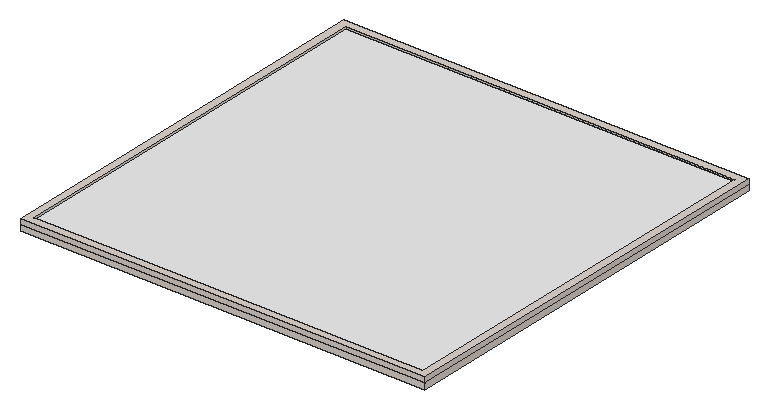
Revit family "SKY LED FLAT PANEL", category Lighting Fixtures, host Face, Revit 2020 (continued)
Types (13): name | Wattage | WATTS | built-in parameter 1150134 | Replaces/Equiv.(MH) | Photometric Web File | Order number | built-in parameter 1150142 | Model | built-in parameter 1150105 | Lumens | built-in parameter 1150107 | built-in parameter 1150106 | Fixture Width | Fixture Length | Default Elevation | Apparent Load
    1212.56  \r\n 1211.38  1207.89  1206.20  1201.92  1198.64  1194.03  1188.04  1183.47  1176.43  1169.75  \r\n 1162.39  1155.15  1145.74  1137.52  1128.17  1118.27  1107.61  1096.85  1086.14  1074.61  \r\n 1062.99  1049.57  1036.40  1022.96  1008.80  994.79   980.56   966.75   950.52   935.83   \r\n 919.63   904.27   887.87   872.71   855.39   838.23   821.27   802.78   786.05   767.69   \r\n 749.70   731.46   712.57   694.39   675.46   655.99   636.52   617.12   597.28   576.96   \r\n 556.93   537.00   516.80   497.28   476.41   455.34   435.33   414.54   393.87   372.90   \r\n 352.99   332.02   311.42   291.81   270.79   251.38   231.13   212.05   192.63   174.19   \r\n 155.78   137.86   119.94   102.69   86.29    70.28    55.27    40.88    27.62    14.67    \r\n 3.78     0.99     1.00     1.07     1.14     1.21     1.29     1.36     1.42     1.49     \r\n 1.56     1.62     1.68     1.74     1.80     1.86     1.91     1.96     2.01     2.06     \r\n 2.10     2.14     2.18     2.22     2.25     2.29     2.32     2.34     2.36     2.39     \r\n 2.41     2.42     2.44     2.45     2.46     2.47     2.48     2.49     2.50     2.51     \r\n 2.51     2.52     2.52     2.53     2.54     2.54     2.55     2.55     2.55     2.55     \r\n 2.54     2.54     2.54     2.55     2.55     2.55     2.56     2.56     2.58     2.58     \r\n 2.60     2.61     2.62     2.63     2.65     2.66     2.69     2.70     2.72     2.74     \r\n 2.77     2.78     2.81     2.83     2.84     2.86     2.88     2.90     2.92     2.93     \r\n 2.95     2.97     2.98     2.99     3.01     3.02     3.04     3.04     3.05     3.05     \r\n 3.08     \r\n1216.96  1217.98  1218.53  1220.58  1219.54  1217.85  1216.67  1217.69  1214.28  1212.83  \r\n 1211.54  1208.69  1204.83  1202.01  1197.00  1193.79  1188.32  1181.52  1175.18  1167.52  \r\n 1161.42  1152.05  1144.28  1134.56  1125.13  1114.27  1104.82  1093.52  1083.38  1070.01  \r\n 1057.51  1045.08  1031.91  1017.59  1004.70  991.48   976.43   961.37   946.33   930.69   \r\n 915.12   899.12   883.65   867.30   849.72   832.71   815.75   798.55   780.12   763.92   \r\n 745.36   726.99   708.10   688.94   670.96   652.18   632.71   613.08   592.95   573.53   \r\n 553.51   534.08   513.38   492.50   472.75   452.26   431.51   411.39   390.88   370.28   \r\n 349.44   329.02   308.51   288.79   268.35   248.73   228.58   209.73   190.50   172.00   \r\n 153.24   135.60   117.76   100.99   84.16    69.12    54.09    39.99    27.09    14.23    \r\n 3.37     0.97     0.99     1.06     1.14     1.21     1.28     1.36     1.43     1.50     \r\n 1.56     1.63     1.69     1.75     1.82     1.87     1.93     1.98     2.02     2.07     \r\n 2.12     2.16     2.21     2.25     2.28     2.32     2.35     2.38     2.41     2.43     \r\n 2.46     2.47     2.49     2.50     2.52     2.53     2.54     2.55     2.56     2.57     \r\n 2.58     2.59     2.60     2.60     2.60     2.58     2.57     2.57     2.58     2.58     \r\n 2.60     2.61     2.62     2.63     2.63     2.63     2.63     2.63     2.63     2.64     \r\n 2.65     2.66     2.67     2.68     2.69     2.71     2.72     2.73     2.75     2.77     \r\n 2.78     2.80     2.81     2.84     2.85     2.87     2.89     2.91     2.92     2.94     \r\n 2.96     2.98     2.99     3.01     3.02     3.03     3.05     3.06     3.07     3.08     \r\n 3.08     \r\n1216.96  1217.09  1216.99  1218.31  1218.08  1217.33  1215.67  1215.30  1214.74  1211.56  \r\n 1209.03  1206.97  1203.76  1199.87  1194.68  1189.14  1184.10  1178.20  1171.60  1164.01  \r\n 1157.84  1150.00  1139.33  1132.37  1121.18  1111.25  1100.80  1088.87  1078.46  1066.23  \r\n 1054.06  1041.89  1028.58  1014.41  1001.53  988.35   973.84   958.81   943.23   928.73   \r\n 913.37   897.47   881.46   865.70   848.16   831.80   814.23   797.83   780.19   762.19   \r\n 743.70   726.30   708.08   689.28   670.16   650.88   632.44   612.98   593.27   573.89   \r\n 553.90   533.99   513.76   493.75   473.85   452.69   433.33   412.68   391.94   371.14   \r\n 351.83   331.21   310.86   290.57   270.16   250.68   230.42   211.91   192.46   174.24   \r\n 155.50   137.93   120.35   103.28   86.86    70.98    55.98    41.64    28.41    15.60    \r\n 4.48     0.99     1.00     1.06     1.13     1.20     1.27     1.34     1.41     1.48     \r\n 1.54     1.61     1.67     1.73     1.79     1.85     1.90     1.96     2.01     2.06     \r\n 2.10     2.14     2.19     2.23     2.27     2.30     2.35     2.38     2.40     2.44     \r\n 2.46     2.49     2.51     2.53     2.54     2.56     2.57     2.59     2.60     2.61     \r\n 2.62     2.63     2.65     2.66     2.67     2.68     2.69     2.71     2.72     2.73     \r\n 2.74     2.76     2.77     2.78     2.79     2.80     2.79     2.79     2.79     2.79     \r\n 2.79     2.79     2.80     2.81     2.81     2.82     2.82     2.83     2.84     2.85     \r\n 2.86     2.87     2.88     2.89     2.90     2.92     2.93     2.94     2.95     2.97     \r\n 2.98     2.99     3.00     3.01     3.02     3.03     3.04     3.04     3.05     3.06     \r\n 3.08     \r\n1216.96  1217.41  1216.59  1217.20  1215.70  1216.42  1214.92  1214.63  1211.80  1209.00  \r\n 1205.93  1202.41  1199.63  1194.09  1191.65  1184.47  1180.21  1174.01  1167.04  1158.47  \r\n 1151.02  1143.77  1134.60  1125.58  1115.32  1105.47  1094.82  1083.78  1073.14  1060.47  \r\n 1047.52  1036.22  1022.17  1008.77  996.64   982.72   968.43   953.86   938.71   923.80   \r\n 908.27   893.44   877.48   861.31   844.32   826.93   811.30   794.12   776.16   758.71   \r\n 740.12   722.58   704.50   685.56   667.13   647.67   629.66   609.29   590.19   570.08   \r\n 550.87   530.57   511.42   490.88   470.96   450.15   430.41   409.60   389.56   369.01   \r\n 348.18   328.09   307.62   288.30   267.88   248.28   228.35   209.66   190.69   171.98   \r\n 153.33   135.88   118.30   101.46   84.77    69.63    54.49    40.45    26.92    14.13    \r\n 3.96     1.03     1.04     1.11     1.16     1.22     1.28     1.35     1.42     1.48     \r\n 1.55     1.62     1.69     1.75     1.81     1.86     1.92     1.98     2.02     2.07     \r\n 2.12     2.16     2.21     2.25     2.28     2.32     2.36     2.39     2.42     2.45     \r\n 2.48     2.51     2.53     2.56     2.58     2.60     2.62     2.64     2.66     2.68     \r\n 2.70     2.71     2.73     2.75     2.76     2.78     2.80     2.81     2.83     2.85     \r\n 2.87     2.88     2.90     2.91     2.91     2.92     2.93     2.94     2.94     2.94     \r\n 2.94     2.94     2.94     2.94     2.94     2.94     2.94     2.95     2.95     2.95     \r\n 2.95     2.95     2.96     2.96     2.96     2.97     2.97     2.97     2.98     2.98     \r\n 2.99     3.00     3.00     3.00     3.01     3.01     3.02     3.02     3.03     3.03     \r\n 3.08     \r\n1216.96  1218.83  1218.96  1218.08  1218.77  1215.79  1215.01  1213.30  1210.51  1207.23  \r\n 1205.33  1201.92  1197.71  1192.77  1187.20  1183.05  1175.89  1170.31  1163.75  1156.59  \r\n 1148.95  1139.63  1131.03  1122.17  1112.85  1103.17  1092.42  1080.43  1068.23  1058.10  \r\n 1045.73  1033.24  1020.07  1007.19  993.49   980.99   966.83   952.72   937.03   922.16   \r\n 907.55   892.20   877.32   860.71   843.75   828.19   810.95   794.75   776.82   759.59   \r\n 741.00   722.85   705.51   687.60   668.87   649.27   630.45   611.56   591.65   572.66   \r\n 553.16   533.09   513.99   493.16   473.14   452.66   432.76   412.39   392.22   371.25   \r\n 351.99   331.15   311.36   291.34   270.84   251.74   231.65   212.72   193.50   174.97   \r\n 156.71   139.04   121.38   104.22   87.89    71.95    56.80    42.34    28.78    15.70    \r\n 5.18     1.00     1.03     1.10     1.18     1.25     1.30     1.35     1.41     1.47     \r\n 1.54     1.61     1.68     1.74     1.80     1.86     1.93     1.99     2.04     2.09     \r\n 2.14     2.18     2.23     2.27     2.32     2.36     2.39     2.43     2.46     2.49     \r\n 2.52     2.55     2.57     2.60     2.62     2.65     2.67     2.70     2.72     2.73     \r\n 2.76     2.78     2.80     2.82     2.84     2.87     2.89     2.91     2.93     2.96     \r\n 2.98     3.00     3.03     3.04     3.06     3.08     3.09     3.10     3.11     3.12     \r\n 3.12     3.13     3.13     3.13     3.12     3.12     3.12     3.11     3.11     3.10     \r\n 3.10     3.10     3.09     3.09     3.09     3.08     3.08     3.08     3.08     3.08     \r\n 3.08     3.08     3.08     3.08     3.08     3.08     3.08     3.07     3.07     3.07     \r\n 3.08     \r\n1216.96  1218.85  1216.46  1216.44  1215.46  1214.47  1213.59  1209.19  1208.56  1204.53  \r\n 1202.12  1198.41  1193.28  1188.90  1183.69  1178.60  1170.92  1165.45  1158.21  1150.35  \r\n 1144.72  1134.43  1126.59  1117.50  1107.34  1097.85  1088.20  1075.28  1064.93  1054.15  \r\n 1040.17  1028.74  1015.72  1002.15  989.74   975.17   962.67   947.49   934.03   918.94   \r\n 903.50   888.64   873.01   856.15   839.83   824.16   806.70   791.25   773.39   755.23   \r\n 738.62   719.98   702.27   683.78   665.22   646.63   627.60   608.90   589.46   569.78   \r\n 550.03   530.55   510.80   490.56   470.95   450.76   430.25   409.90   389.61   369.55   \r\n 348.96   328.90   308.61   288.87   268.86   249.58   229.83   210.80   191.56   173.18   \r\n 154.87   137.26   119.61   103.00   86.19    71.00    55.81    41.59    27.73    14.84    \r\n 4.42     1.13     1.05     1.11     1.18     1.25     1.32     1.38     1.43     1.49     \r\n 1.54     1.60     1.66     1.73     1.80     1.86     1.92     1.99     2.05     2.11     \r\n 2.16     2.21     2.26     2.31     2.35     2.39     2.42     2.46     2.49     2.53     \r\n 2.56     2.58     2.61     2.64     2.67     2.69     2.72     2.74     2.76     2.78     \r\n 2.81     2.82     2.85     2.87     2.90     2.93     2.95     2.98     3.01     3.04     \r\n 3.07     3.09     3.12     3.14     3.17     3.19     3.20     3.22     3.23     3.25     \r\n 3.26     3.27     3.28     3.28     3.29     3.28     3.28     3.28     3.27     3.27     \r\n 3.26     3.26     3.26     3.25     3.25     3.23     3.23     3.22     3.22     3.22     \r\n 3.21     3.20     3.19     3.19     3.19     3.18     3.17     3.17     3.16     3.15     \r\n 3.08     \r\n1216.96  1216.49  1215.17  1214.55  1214.52  1214.12  1212.17  1207.22  1205.26  1201.38  \r\n 1198.18  1195.75  1189.69  1185.74  1180.93  1174.55  1169.20  1163.75  1155.60  1149.61  \r\n 1142.10  1133.60  1124.81  1116.00  1107.46  1097.08  1085.76  1074.78  1065.12  1052.20  \r\n 1040.14  1029.07  1016.85  1004.05  991.02   975.88   963.03   948.26   934.07   919.33   \r\n 904.24   890.20   874.21   857.43   840.83   824.82   808.78   791.51   774.75   757.66   \r\n 739.78   721.68   704.90   685.44   667.67   648.24   629.34   610.49   590.67   571.35   \r\n 551.84   532.60   512.92   492.63   472.95   452.12   431.90   411.94   392.05   371.06   \r\n 351.07   331.01   310.97   291.07   271.14   252.13   232.03   213.54   194.19   175.81   \r\n 157.80   140.15   122.50   105.36   89.11    73.13    58.12    43.45    29.66    16.48    \r\n 5.44     1.14     1.04     1.08     1.15     1.23     1.30     1.37     1.43     1.48     \r\n 1.53     1.58     1.65     1.70     1.76     1.82     1.89     1.95     2.01     2.07     \r\n 2.13     2.19     2.24     2.30     2.35     2.39     2.44     2.47     2.50     2.53     \r\n 2.57     2.60     2.63     2.66     2.68     2.71     2.73     2.76     2.78     2.81     \r\n 2.83     2.85     2.87     2.89     2.91     2.94     2.96     2.98     3.01     3.04     \r\n 3.07     3.11     3.14     3.17     3.20     3.23     3.26     3.29     3.32     3.34     \r\n 3.36     3.38     3.39     3.41     3.41     3.42     3.43     3.42     3.42     3.41     \r\n 3.40     3.40     3.39     3.38     3.37     3.36     3.35     3.34     3.33     3.33     \r\n 3.31     3.31     3.30     3.29     3.28     3.27     3.27     3.26     3.25     3.24     \r\n 3.08     \r\n1216.96  1216.97  1215.51  1214.56  1213.22  1210.55  1209.51  1206.68  1203.32  1200.41  \r\n 1196.64  1192.90  1187.12  1183.56  1178.02  1172.44  1164.91  1159.91  1152.32  1145.53  \r\n 1138.41  1129.54  1121.34  1111.70  1101.62  1092.98  1082.90  1071.99  1061.64  1048.82  \r\n 1037.70  1026.00  1013.07  1000.67  989.24   974.83   960.84   947.10   933.61   918.53   \r\n 902.93   887.33   871.48   855.60   839.62   823.30   806.74   790.55   773.17   755.14   \r\n 737.57   720.19   701.99   683.92   665.41   646.02   627.81   608.13   589.15   568.73   \r\n 550.08   530.73   510.08   490.14   470.53   450.73   429.93   409.69   389.40   369.52   \r\n 349.24   329.28   309.14   289.43   269.47   250.19   230.39   211.72   192.76   174.33   \r\n 156.09   138.43   120.73   104.25   87.43    71.75    57.09    42.74    28.64    15.49    \r\n 4.81     1.12     1.04     1.08     1.15     1.22     1.29     1.37     1.44     1.50     \r\n 1.55     1.60     1.64     1.70     1.77     1.82     1.88     1.94     2.00     2.06     \r\n 2.12     2.18     2.23     2.28     2.34     2.39     2.43     2.47     2.51     2.54     \r\n 2.57     2.61     2.63     2.67     2.69     2.72     2.75     2.77     2.79     2.81     \r\n 2.83     2.85     2.87     2.89     2.91     2.94     2.96     2.99     3.01     3.03     \r\n 3.06     3.09     3.12     3.14     3.17     3.20     3.23     3.26     3.29     3.32     \r\n 3.35     3.39     3.41     3.43     3.44     3.45     3.47     3.47     3.47     3.47     \r\n 3.47     3.47     3.47     3.47     3.47     3.47     3.46     3.46     3.46     3.45     \r\n 3.45     3.44     3.43     3.42     3.41     3.41     3.39     3.38     3.37     3.36     \r\n 3.08     \r\n1216.96  1215.28  1214.04  1214.25  1214.08  1210.65  1209.33  1206.36  1203.82  1200.61  \r\n 1197.20  1191.45  1187.33  1181.37  1178.13  1171.01  1165.82  1159.00  1150.53  1145.08  \r\n 1137.02  1128.06  1120.64  1110.57  1101.94  1092.32  1081.87  1071.67  1060.67  1049.70  \r\n 1038.29  1026.84  1015.05  1000.72  988.55   976.68   961.49   948.95   933.57   919.42   \r\n 904.41   891.01   874.37   860.15   842.58   827.85   810.14   794.01   776.80   759.96   \r\n 741.82   724.23   706.62   687.60   670.21   650.61   631.66   612.47   593.67   573.82   \r\n 554.17   534.56   514.49   494.63   475.35   453.95   434.74   413.64   393.75   373.71   \r\n 353.70   333.17   313.10   293.34   273.35   253.98   233.99   215.53   196.39   178.04   \r\n 159.76   142.07   124.38   107.16   90.84    74.87    59.72    44.85    30.81    17.22    \r\n 5.84     1.10     1.00     1.04     1.11     1.19     1.27     1.34     1.41     1.48     \r\n 1.54     1.59     1.64     1.69     1.75     1.81     1.86     1.91     1.97     2.03     \r\n 2.09     2.15     2.20     2.26     2.31     2.36     2.41     2.46     2.49     2.53     \r\n 2.56     2.60     2.62     2.65     2.68     2.71     2.74     2.76     2.79     2.82     \r\n 2.84     2.85     2.88     2.90     2.92     2.94     2.96     2.98     3.00     3.03     \r\n 3.05     3.08     3.10     3.13     3.15     3.18     3.21     3.23     3.26     3.29     \r\n 3.32     3.36     3.38     3.42     3.44     3.46     3.47     3.48     3.48     3.49     \r\n 3.49     3.48     3.48     3.48     3.47     3.48     3.47     3.46     3.46     3.46     \r\n 3.46     3.46     3.46     3.45     3.45     3.45     3.45     3.45     3.45     3.45     \r\n 3.08     \r\n1216.96  1218.28  1216.37  1214.30  1214.06  1213.38  1208.97  1207.18  1204.27  1200.05  \r\n 1197.44  1192.21  1188.03  1183.37  1177.45  1172.12  1165.57  1158.39  1152.18  1143.69  \r\n 1135.80  1127.62  1119.67  1110.63  1100.83  1090.06  1080.95  1070.36  1059.53  1048.38  \r\n 1038.04  1025.60  1012.62  1000.25  987.12   975.48   960.73   947.71   933.68   918.80   \r\n 905.16   889.39   875.20   859.40   841.78   826.44   809.63   793.80   776.80   759.48   \r\n 741.63   724.65   706.95   687.74   669.94   651.31   632.23   612.36   593.53   575.02   \r\n 555.29   535.31   515.27   495.02   475.55   454.87   434.93   413.90   394.18   373.85   \r\n 353.69   333.46   312.90   293.07   272.77   253.31   233.58   214.49   195.56   177.20   \r\n 158.35   140.61   122.91   105.98   89.33    73.56    58.41    43.89    29.42    15.67    \r\n 4.63     1.06     0.99     1.04     1.11     1.18     1.26     1.34     1.41   
